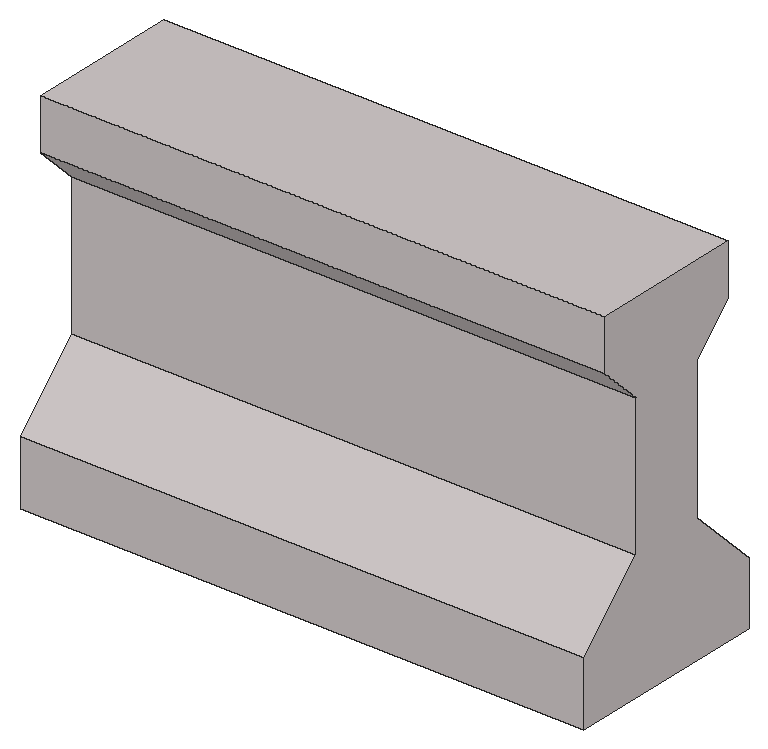
Revit family
Parameters (values of type "Type I")
  D6 = 0' - 5"
  D5 = 0' - 5"
  D4 = 0' - 3"
  D3 = 0' - 0"
  D2 = 0' - 4"
  B6 = 0' - 5"
  B5 = 0' - 0"
  B4 = 0' - 3"
  B3 = 0' - 6"
  B2 = B3 + B6 * 2  # 1' - 4"
  Start Extension Calculation [instance] = 10' 0 1/2" + Start Extension  # 10' - 0"
  Start Extension [instance] = -0' - 0 1/2"
  End Extension Calculation [instance] = 10' 0 1/2" + End Extension  # 10' - 0"
  End Extension [instance] = -0' - 0 1/2"
  Beam Material [instance] = Concrete - Precast Concrete - Normal Weight - 5 ksi
  Assembly Code = "B10"
  Length [instance] = 5' - 0"
  B1 = B3 + B4 * 2 + B5 * 2  # 1' - 0"
  D1 = 2' - 4"
Types (7): name | D6 | D5 | D4 | D3 | D2 | B6 | B5 | B4 | B3 | B2 | B1 | D1
  (no name) | 0' - 5" | 0' - 5" | 0' - 3" | 0' - 0" | 0' - 4" | 0' - 5" | 0' - 0" | 0' - 3" | 0' - 6" | 1' - 4" | 1' - 0" | 2' - 4"
  Type II | 0' - 6" | 0' - 6" | 0' - 3" | 0' - 0" | 0' - 6" | 0' - 5" | 0' - 0" | 0' - 3" | 0' - 6" | 1' - 4" | 1' - 0" | 3' - 0"
  Type I | 0' - 5" | 0' - 5" | 0' - 3" | 0' - 0" | 0' - 4" | 0' - 5" | 0' - 0" | 0' - 3" | 0' - 6" | 1' - 4" | 1' - 0" | 2' - 4"
  Type III | 0' - 7" | 0' - 7 1/2" | 0' - 4 1/2" | 0' - 0" | 0' - 7" | 0' - 7 1/2" | 0' - 0" | 0' - 4 1/2" | 0' - 7" | 1' - 10" | 1' - 4" | 3' - 9"
  Type IV | 0' - 8" | 0' - 9" | 0' - 6" | 0' - 0" | 0' - 8" | 0' - 9" | 0' - 0" | 0' - 6" | 0' - 8" | 2' - 2" | 1' - 8" | 4' - 6"
  Type V | 0' - 8" | 0' - 10" | 0' - 4" | 0' - 3" | 0' - 5" | 0' - 10" | 1' - 1" | 0' - 4" | 0' - 8" | 2' - 4" | 3' - 6" | 5' - 3"
  Type VI | 0' - 8" | 0' - 10" | 0' - 4" | 0' - 3" | 0' - 5" | 0' - 10" | 1' - 1" | 0' - 4" | 0' - 8" | 2' - 4" | 3' - 6" | 6' - 0"
Reference planes (in)
  plane 1 "Center (Front/Back)": y = 0
  plane 2: z = 0
  plane 3 "Center (Left/Right)": x = 0.1815
  plane 4 "Member Left": x = -21.8185
  plane 5 "Member Right": x = 22.1815
  plane 6: y = 6
  plane 7: y = -6
  plane 8: z = 14
  plane 9 "Bottom": z = -14
  plane 10 "Left": x = -29.8185
  plane 11 "Right": x = 30.1815
  plane 12: x = -21.8185
  plane 13: x = 22.1815
  plane 14: x = 98.1815
  plane 15: x = -97.8185
  plane 16: y = 8
  plane 17: y = -8
Forms (in)
  Sweep 1, solid, material "Concrete - Precast Concrete - Normal Weight - 5 ksi" <- "Beam Material"
    path origin (0, 0, 0) x (1, 0, 0) y (0, 1, 0)
      loop
        line (22.1815, 0) -> (-21.8185, 0)
    profile "Precast-I Shape-Profile : Precast-I Shape-Profile" origin (0.1815, 0, 0) x (0, -1, 0) y (0, 0, 1)
      loop
        line (-6, 14) -> (-6, 12) -> (-6, 10) -> (-3, 7) -> (-3, -4) -> (-8, -9) -> (-8, -14) -> (8, -14) -> (8, -9) -> (3, -4) -> (3, 7) -> (6, 10) -> (6, 12) -> (6, 14) -> (-6, 14)
Dimensions and locks (in)
  "B1": plane 6 to plane 7
  equal spacing: plane 9 "Bottom", plane 2, plane 8
  equal spacing: plane 6, plane 1 "Center (Front/Back)", plane 7
  "D1": plane 9 "Bottom" to plane 8
  "Length": plane 10 "Left" to plane 11 "Right"
  locked: plane 4 "Member Left" to plane 14 at 120
  locked: plane 15 to plane 5 "Member Right" at 120
  "Start Extension Calculation": plane 12 to plane 14
  "End Extension Calculation": plane 15 to plane 13
  "B2": plane 16 to plane 17
  equal spacing: plane 16, plane 1 "Center (Front/Back)", plane 17
  aligned and locked: Sweep 1 sketch curve to plane 1 "Center (Front/Back)"
  aligned and locked: plane 12 to Sweep 1 sketch curve
  aligned and locked: plane 13 to Sweep 1 sketch curve
  aligned and locked: plane 16 to Sweep 1
  aligned and locked: plane 17 to Sweep 1
